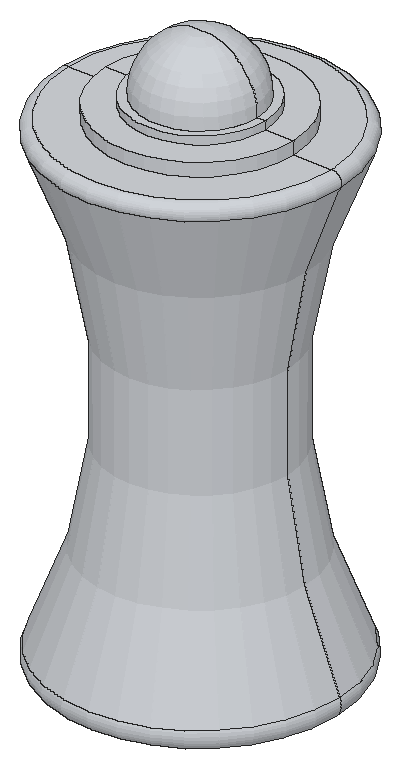
Revit family
Parameters (values of type "SBS 016.5")
  Width = 1' - 11 3/4"
  URL = "www.strombergarchitectural.com"
  Top Material = GFRC
  Submittal Sheet = "www.strombergarchitectural.com/images/materials/gfrc/submittal/gfrc-submittal-sheet.pdf"
  Specifications = "www.strombergarchitectural.com/gfrcspecifications"
  Model Cut-sheet = "www.strombergarchitectural.com/products/bollards/design/SBS-016"
  Model = "SBS 016"
  Manufacturer = "Stromberg Architectural Products"
  Guidebook = "www.strombergarchitectural.com/images/materials/gfrc/handbooks/gfrc_guidebook.pdf"
  Frame Material = none
  Description = "GFRC Bollard"
  Assembly Code = ""
  Height = 4' - 0"
  XXX.5 = yes
  XXX.4 = no
  XXX.3 = no
  XXX.2 = no
  XXX.1 = no
Types (6): name | Width | Guidebook | Height | XXX.5 | XXX.4 | XXX.3 | XXX.2 | XXX.1
  (no name) | 1' - 11 3/4" | "www.strombergarchitectural.com/images/materials/gfrc/handbooks/gfrc_guidebook.pdf" | 4' - 0" | yes | no | no | no | no
  SBS 016.3 | 1' - 5 3/4" | "www.strombergarchitectural.com/images/materials/gfrc/handbooks/gfrc_guidebook.pdf" | 3' - 0" | no | no | yes | no | no
  SBS 016.1 | 0' - 11 3/4" | "www.strombergarchitectural.com/images/materials/gfrc/handbooks/gfrc_guidebook.pdf   \r\n(http://www.strombergarchitectural.com/images/materials/gfrc/handbooks/gfrc_guidebook.pdf" | 2' - 0" | no | no | no | no | yes
  SBS 016.2 | 1' - 2 3/4" | "www.strombergarchitectural.com/images/materials/gfrc/handbooks/gfrc_guidebook.pdf" | 2' - 6" | no | no | no | yes | no
  SBS 016.4 | 1' - 8 3/4" | "www.strombergarchitectural.com/images/materials/gfrc/handbooks/gfrc_guidebook.pdf" | 3' - 6" | no | yes | no | no | no
  SBS 016.5 | 1' - 11 3/4" | "www.strombergarchitectural.com/images/materials/gfrc/handbooks/gfrc_guidebook.pdf" | 4' - 0" | yes | no | no | no | no
Reference planes (in)
  plane 1 "Center (Front/Back)": y = 3.74847
  plane 2: z = 0
  plane 3 "Center (Left/Right)": x = 0.7278
Forms (in)
  Revolve 1, solid, visible <- "XXX.1"
    sketch origin (0, 3.74847, 0) x (1, 0, 0) y (0, 0, 1)
      loop
        arc (-5.12277, 0.8919) -> (-5.09624, 0.29237) -> (-4.57215, 0) r 0.61592
        line (-4.57215, 0) -> (0.7278, 0) -> (0.7278, 23.99862)
        arc (0.7278, 23.99862) -> (-0.9935, 23.27207) -> (-1.67363, 21.53191) r 2.40229
        line (-1.67363, 21.53191) -> (-2.02753, 21.53191) -> (-2.02753, 21.20342) -> (-3.21573, 21.20342) -> (-3.21573, 20.66963) -> (-4.7934, 20.66963)
        arc (-4.7934, 20.66963) -> (-5.14367, 20.4733) -> (-5.15898, 20.07205) r 0.41061
        arc (-5.15898, 20.07205) -> (-2.8514, 10.4863) -> (-5.12277, 0.8919) r 21.23003
      axis (0.7278, 23.99862) -> (0.7278, 0)
    angle from 0 to 360
  Revolve 2, solid, visible <- "XXX.2"
    sketch origin (0, 3.74847, 0) x (1, 0, 0) y (0, 0, 1)
      loop
        arc (0.7278, 29.99999) -> (-1.42395, 29.09176) -> (-2.27416, 26.91643) r 3.00304
        line (-2.27416, 26.91643) -> (-2.71656, 26.91643) -> (-2.71656, 26.5058) -> (-4.20189, 26.5058) -> (-4.20189, 25.83852) -> (-6.1741, 25.83852)
        arc (-6.1741, 25.83852) -> (-6.61195, 25.59309) -> (-6.63109, 25.0915) r 0.51329
        arc (-6.63109, 25.0915) -> (-3.74645, 13.10862) -> (-6.58584, 1.11494) r 26.53905
        arc (-6.58584, 1.11494) -> (-6.55267, 0.36548) -> (-5.89752, 0) r 0.76994
        line (-5.89752, 0) -> (0.7278, 0) -> (0.7278, 29.99999)
      axis (0.7278, 29.99999) -> (0.7278, 0)
    angle from 0 to 360
  Revolve 3, solid, visible <- "XXX.3"
    sketch origin (0, 3.74847, 0) x (1, 0, 0) y (0, 0, 1)
      loop
        arc (0.7278, 36) -> (-1.8543, 34.91012) -> (-2.87455, 32.29973) r 3.60365
        line (-2.87455, 32.29973) -> (-3.40543, 32.29973) -> (-3.40543, 31.80697) -> (-5.18784, 31.80697) -> (-5.18784, 31.00623) -> (-7.55448, 31.00623)
        arc (-7.55448, 31.00623) -> (-8.07991, 30.71171) -> (-8.10287, 30.10981) r 0.61595
        arc (-8.10287, 30.10981) -> (-4.6413, 15.73035) -> (-8.04857, 1.33793) r 31.84687
        arc (-8.04857, 1.33793) -> (-8.00877, 0.43858) -> (-7.22259, 0) r 0.92393
        line (-7.22259, 0) -> (0.7278, 0) -> (0.7278, 36)
      axis (0.7278, 36) -> (0.7278, 0)
    angle from 0 to 360
  Revolve 4, solid, visible <- "XXX.4"
    sketch origin (0, 3.74847, 0) x (1, 0, 0) y (0, 0, 1)
      loop
        arc (0.7278, 41.99998) -> (-2.28465, 40.72846) -> (-3.47494, 37.683) r 4.20425
        line (-3.47494, 37.683) -> (-4.0943, 37.683) -> (-4.0943, 37.10811) -> (-6.17377, 37.10811) -> (-6.17377, 36.17392) -> (-8.93486, 36.17392)
        arc (-8.93486, 36.17392) -> (-9.54785, 35.83032) -> (-9.57465, 35.1281) r 0.71861
        arc (-9.57465, 35.1281) -> (-5.53615, 18.35207) -> (-9.51129, 1.56092) r 37.15467
        arc (-9.51129, 1.56092) -> (-9.46486, 0.51167) -> (-8.54765, 0) r 1.07791
        line (-8.54765, 0) -> (0.7278, 0) -> (0.7278, 41.99998)
      axis (0.7278, 41.99998) -> (0.7278, 0)
    angle from 0 to 360
  Revolve 5, solid, visible <- "XXX.5"
    sketch origin (0, 3.74847, 0) x (1, 0, 0) y (0, 0, 1)
      loop
        arc (0.7278, 47.99556) -> (-2.71468, 46.54252) -> (-4.07489, 43.06232) r 4.80442
        line (-4.07489, 43.06232) -> (-4.78267, 43.06232) -> (-4.78267, 42.40536) -> (-7.15898, 42.40536) -> (-7.15898, 41.33781) -> (-10.31422, 41.33781)
        arc (-10.31422, 41.33781) -> (-11.01472, 40.94516) -> (-11.04534, 40.1427) r 0.82119
        arc (-11.04534, 40.1427) -> (-6.43034, 20.97187) -> (-10.97294, 1.78374) r 42.45857
        arc (-10.97294, 1.78374) -> (-10.91988, 0.58471) -> (-9.87174, 0) r 1.23179
        line (-9.87174, 0) -> (0.7278, 0) -> (0.7278, 47.99556)
      axis (0.7278, 47.99556) -> (0.7278, 0)
    angle from 0 to 360
Dimensions and locks (in)
  aligned and locked: level to plane 2
